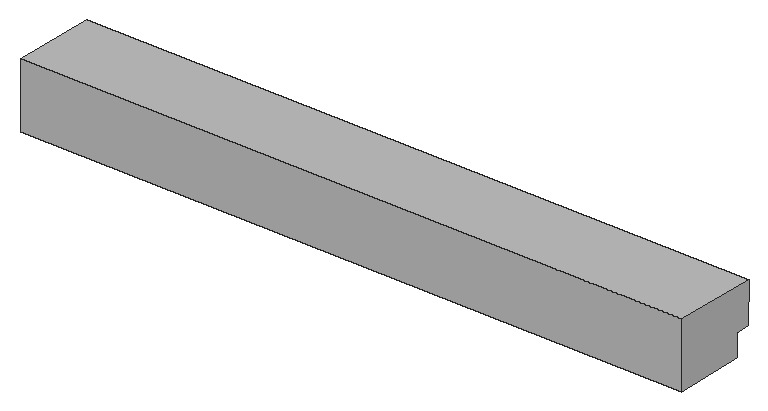
Revit family "KurbX - KurbIT SHOWER CURB", category Generic Models, Revit 2020
Family settings
  Can host rebar = No
  Round Connector Dimension = Use Diameter
  Part Type = Normal
  Work Plane-Based = No
  Always vertical = Yes
  Cut with Voids When Loaded = No
  Shared = No
  Room Calculation Point = No
Parameters
  URL = "www.KurbX.com"
  Type Comments = "KurbX Shower Curb"
  SIDE_B [instance] = 304.8 mm
  SIDE_A [instance] = 304.8 mm
  Model = "KurbIT-24 & KurbIT-36"
  Manufacturer = "KurbX"
  Description = "KurbX Shower Curb"
  Default Elevation = 0 mm
Reference planes
  plane 1 "Center (Front/Back)": y = 0
  plane 2: z = 0
  plane 3 "Center (Left/Right)": x = 0
  plane 4 "SIDE A": x = -304.8
  plane 5 "SIDE B": x = 304.8
  plane 6: y = 12.7
  plane 7: y = -63.5
Forms (mm)
  Extrusion 1, solid, material "KurbX - SHOWER PAN - CURBLESS"
    sketch origin (0, 0, 0) x (0, 1, 0) y (0, 0, 1)
      loop
        line (-63.5, 60.03) -> (-63.5, 0) -> (-1.08, 0) -> (0, 20.6) -> (12.7, 20.6) -> (12.7, 58.7) -> (-63.5, 60.03)
    from -304.8 to 304.8
Dimensions and locks
  "SIDE_A": plane 4 "SIDE A" to plane 3 "Center (Left/Right)"
  "SIDE_B": plane 3 "Center (Left/Right)" to plane 5 "SIDE B"
  locked: plane 1 "Center (Front/Back)" to plane 6 at 12.7
  locked: plane 7 to plane 1 "Center (Front/Back)" at 63.5
  aligned and locked: plane 2 to level
  aligned and locked: Extrusion 1 to plane 4 "SIDE A"
  aligned and locked: plane 5 "SIDE B" to Extrusion 1
Automatic sketch dimensions
  Extrusion 1 sketch curve to level = 0 mm
  Extrusion 1 sketch curve to plane 7 = 0 mm
  Extrusion 1 sketch curve to plane 1 "Center (Front/Back)" = 0 mm
  Extrusion 1 sketch curve to plane 6 = 0 mm
  plane 1 "Center (Front/Back)" to Extrusion 1 sketch curve = 1.08 mm
  level to Extrusion 1 sketch curve = 20.6 mm
  Extrusion 1 sketch curve to Extrusion 1 sketch curve = 38.1 mm
  Extrusion 1 sketch curve to Extrusion 1 sketch curve = 60.03 mm
